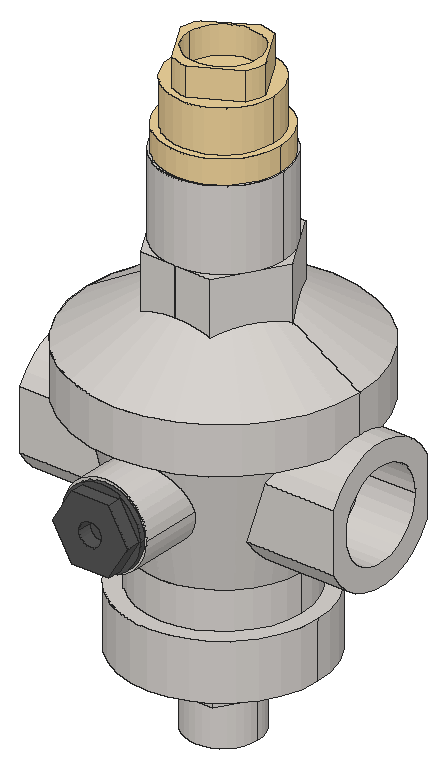
Revit family "VT.085.N-0", category Арматура трубопроводов, Revit 2019
Family settings
  Размер круглого соединителя = Использовать диаметр
  Тип детали = Вставляется
  На основе рабочей плоскости = Нет
  Всегда вертикально = Да
  При загрузке вырезать с полостями = Нет
  Общий = Нет
Parameters
  Таблица_2 [instance] = "VT.085.N_B"
  Таблица_1 [instance] = "VT.085.N_A"
  Материал_П [instance] = Пластик
  Материал [instance] = Латунь
  Изготовитель = "VALTEC"
  Группа модели = "Редуктор давления регулируемый мембранный"  # constant formula
  xx [instance] = dx - 1 mm  # 17 mm
  u [instance] = size_lookup(Таблица_1, "u", 0 mm, Du)  # 15 mm
  na [instance] = size_lookup(Таблица_2, "Ni", 0 mm, Du)  # 1 mm
  msg [instance] = size_lookup(Таблица_2, "msg", 0 mm, Du)  # 678 mm
  h3 [instance] = size_lookup(Таблица_1, "h3", 0 mm, Du)  # 12 mm
  h2 [instance] = size_lookup(Таблица_1, "h2", 0 mm, Du)  # 5 mm
  h1 [instance] = size_lookup(Таблица_1, "h1", 0 mm, Du)  # 10 mm
  dz [instance] = size_lookup(Таблица_1, "dz", 0 mm, Du)  # 48 mm
  dx [instance] = size_lookup(Таблица_1, "dx", 0 mm, Du)  # 18 mm
  du [instance] = size_lookup(Таблица_2, "du", 0 mm, Du)  # 28 mm
  dg [instance] = size_lookup(Таблица_1, "dg", 0 mm, Du)  # 19 mm
  db [instance] = size_lookup(Таблица_1, "db", 0 mm, Du)  # 26 mm
  da [instance] = size_lookup(Таблица_1, "da", 0 mm, Du)  # 59 mm
  d5 [instance] = size_lookup(Таблица_1, "d5", 0 mm, Du)  # 22 mm
  d4-1 [instance] = d4 - 1 mm  # 25 mm
  d4 [instance] = size_lookup(Таблица_1, "d4", 0 mm, Du)  # 26 mm
  d3 [instance] = size_lookup(Таблица_1, "d3", 0 mm, Du)  # 34 mm
  d2 [instance] = size_lookup(Таблица_1, "d2", 0 mm, Du)  # 41 mm
  d1 [instance] = size_lookup(Таблица_1, "d1", 0 mm, Du)  # 59 mm
  b3 [instance] = size_lookup(Таблица_1, "b3", 0 mm, Du)  # 6 mm
  b2 [instance] = size_lookup(Таблица_2, "b2", 0 mm, Du)  # 6 mm
  b1 [instance] = size_lookup(Таблица_2, "b1", 0 mm, Du)  # 10 mm
  a3 [instance] = size_lookup(Таблица_1, "a3", 0 mm, Du)  # 16 mm
  a2 [instance] = size_lookup(Таблица_2, "a2", 0 mm, Du)  # 20 mm
  a1 [instance] = size_lookup(Таблица_2, "a1", 0 mm, Du)  # 26 mm
  URL = "https://valtec.ru/"
  Ni [instance] = na = 1 mm  # yes
  Lx [instance] = size_lookup(Таблица_2, "Lx", 0 mm, Du)  # 25 mm
  L2 [instance] = size_lookup(Таблица_1, "L2", 0 mm, Du)  # 64 mm
  L1 [instance] = size_lookup(Таблица_2, "L1", 0 mm, Du)  # 68 mm
  H7 [instance] = size_lookup(Таблица_1, "H7", 0 mm, Du)  # 53 mm
  H6 [instance] = size_lookup(Таблица_1, "H6", 0 mm, Du)  # 25 mm
  H5 [instance] = size_lookup(Таблица_1, "H5", 0 mm, Du)  # 17 mm
  H4 [instance] = size_lookup(Таблица_1, "H4", 0 mm, Du)  # 73 mm
  H3 [instance] = size_lookup(Таблица_1, "H3", 0 mm, Du)  # 59 mm
  H2 [instance] = size_lookup(Таблица_1, "H2", 0 mm, Du)  # 32 mm
  H1 [instance] = size_lookup(Таблица_1, "H1", 0 mm, Du)  # 12 mm
  Ga [instance] = Da = 1 mm  # yes
  Du [instance] = 15 mm
  Da [instance] = size_lookup(Таблица_2, "Ga", 0 mm, Du)  # 1 mm
  D [instance] = size_lookup(Таблица_2, "D", 0 mm, Du)  # 19 mm
  ADSK_Позиция [instance] = ""
  ADSK_Обозначение [instance] = "VT.085.N"  # constant formula
  ADSK_Наименование [instance] = size_lookup(Таблица_2, "", "Данный типоразмер отсутствует", Du)  # "Редуктор давления регулируемый мембранный"
  ADSK_Материал [instance] = Латунь CW617N
  ADSK_Масса [instance] = msg / 1000 mm  # 0.678
  ADSK_Код изделия [instance] = size_lookup(Таблица_2, "Код продукта", "Данный типоразмер отсутствует", Du)  # "VT.085.N.0407"
  ADSK_Завод-изготовитель [instance] = Изготовитель  # "VALTEC"
  ADSK_Единица измерения [instance] = "шт."  # constant formula
  ADSK_URL страницы изделия [instance] = "https://valtec.ru/catalog/reguliruyuschaya_armatura/reduktory_davleniya_dlya_vody/reduktor_davleniya_reguliruemyj_membrannyj_vt085n.html"
  ADSK_URL документации изделия [instance] = "https://valtec.ru/document/technical/VT.085-0321-1.pdf"
Reference planes
  plane 1 "По центру (Вперед/Назад)": y = 0
  plane 2: z = 0
  plane 3 "По центру (Влево/Вправо)": x = 0
  plane 4: z = 12
  plane 5: z = 32
  plane 6: z = 59
  plane 7: z = 73
  plane 8: z = -17
  plane 9: z = -25
  plane 10: z = -53
  plane 11: z = 22
  plane 12: z = 64
  plane 13: z = -37
  plane 14: z = 79
  plane 15: through (0, 0, 1200) normal (-0.5, 0.866, 0)
  plane 16: through (9.112, -3.977, 1200) normal (0.5, -0.866, 0)
  plane 17: through (0.48, 9.515, 1200) normal (0.5, -0.866, 0)
  plane 18: z = 0
  plane 19: y = 32
  plane 20: y = -32
  plane 21: y = 33
  plane 22: y = -33
  plane 23: z = 7
  plane 24: z = -7
  plane 25: through (0, -1524, 0) normal (-0.866, 0, -0.5)
  plane 26: through (0, -1524, 0) normal (-0.866, 0, 0.5)
  plane 27: through (3.743, -1524, 7.517) normal (0.866, 0, 0.5)
  plane 28: through (-10.876, -1524, 4.837) normal (0.866, 0, 0.5)
  plane 29: through (2.942, -1524, -8.905) normal (-0.866, 0, 0.5)
  plane 30: through (-2.191, -1524, 10.205) normal (0.866, 0, -0.5)
  plane 31: y = -36
  plane 32: y = 36
  plane 33: through (0, 0, 1200) normal (-0.866, -0.5, 0)
  plane 34: through (4.779, 7.723, 1200) normal (0.866, 0.5, 0)
  plane 35: through (-10.203, 1.673, 1200) normal (0.866, 0.5, 0)
  plane 36: through (0, 0, 1200) normal (-0.866, 0.5, 0)
  plane 37: y = 12.5
  plane 38: y = -12.5
  plane 39: x = -34
  plane 40: x = 34
  plane 41: x = -22
  plane 42: x = 22
  plane 43: y = 13
  plane 44: y = -13
  plane 45: through (10.541, -7.743, 1200) normal (-0.866, 0.5, 0)
  plane 46: through (-7.005, 13.867, 1200) normal (0.866, -0.5, 0)
  plane 47: through (7.203, 13.523, 1200) normal (0.866, 0.5, 0)
  plane 48: through (-14.959, -0.09, 1200) normal (0.866, 0.5, 0)
  plane 49: z = 42
  plane 50: y = 10
  plane 51: y = -10
  plane 52: through (-12.872, -2.295, 1200) normal (-0.866, 0.5, 0)
  plane 53: through (4.13, -12.847, 1200) normal (-0.866, 0.5, 0)
  plane 54: through (0.016, 19.973, 1200) normal (0.866, 0.5, 0)
  plane 55: through (-17.305, 9.973, 1200) normal (0.866, 0.5, 0)
  plane 56: z = -43
Forms (mm)
  Extrusion 1, solid, material "Латунь CW617N" <- "ADSK_Материал", detail levels fine
    sketch origin (0, 0, 0) x (1, 0, 0) y (0, 1, 0)
      loop
        circle (0, 0) r 17
    from -25 to -17
  Extrusion 2, solid, material "Латунь CW617N" <- "ADSK_Материал", detail levels fine
    sketch origin (0, 0, 0) x (1, 0, 0) y (0, 1, 0)
      loop
        circle (0, 0) r 29.5
    from 12 to 22
  Blend 3, solid, material "Латунь CW617N" <- "ADSK_Материал", detail levels fine
    base sketch origin (0, 0, 0) x (1, 0, 0) y (0, 1, 0)
      loop
        circle (0, 0) r 17
    top sketch origin (0, 0, 0) x (1, 0, 0) y (0, 1, 0)
      loop
        circle (0, 0) r 24
    from -17 to 12
  Extrusion 4, solid, material "Латунь CW617N" <- "ADSK_Материал", detail levels fine
    sketch origin (0, 0, 0) x (1, 0, 0) y (0, 1, 0)
      loop
        circle (0, 0) r 13
    from 32 to 59
  Blend 5, solid, material "Латунь CW617N" <- "ADSK_Материал", detail levels fine
    base sketch origin (0, 0, 0) x (1, 0, 0) y (0, 1, 0)
      loop
        circle (0, 0) r 29.5
    top sketch origin (0, 0, 0) x (1, 0, 0) y (0, 1, 0)
      loop
        circle (0, 0) r 13
    from 22 to 32
  Extrusion 6, solid, material "Латунь" <- "Материал", detail levels fine
    sketch origin (0, 0, 0) x (1, 0, 0) y (0, 1, 0)
      loop
        circle (0, 0) r 12.5
    from 59 to 64
  Extrusion 7, solid, material "Латунь" <- "Материал", detail levels fine
    sketch origin (0, 0, 0) x (1, 0, 0) y (0, 1, 0)
      loop
        circle (0, 0) r 11
    from 64 to 73
  Extrusion 8, solid, material "Латунь CW617N" <- "ADSK_Материал", detail levels fine
    sketch origin (0, 0, 0) x (1, 0, 0) y (0, 1, 0)
      loop
        circle (0, 0) r 20.5
    from -37 to -25
  Extrusion 9, solid, material "Латунь CW617N" <- "ADSK_Материал", visible <- "Ni", detail levels fine
    sketch origin (0, 0, 0) x (1, 0, 0) y (0, 1, 0)
      loop
        circle (0, 0) r 7.5
    from -53 to -37
  Extrusion 10, solid, material "Латунь CW617N" <- "ADSK_Материал", detail levels fine
    sketch origin (0, 0, 0) x (1, 0, 0) y (0, 0, 1)
      loop
        circle (0, 0) r 9
    from -32 to 32
  Extrusion 11, solid, material "Пластик" <- "Материал_П", detail levels fine
    sketch origin (0, 0, 0) x (1, 0, 0) y (0, 0, 1)
      loop
        circle (0, 0) r 8.5
    from 32 to 33
  Extrusion 12, solid, material "Пластик" <- "Материал_П", detail levels fine
    sketch origin (0, 0, 0) x (1, 0, 0) y (0, 0, 1)
      loop
        circle (0, 0) r 8.5
    from -33 to -32
  Extrusion 13, solid, material "Пластик" <- "Материал_П", detail levels fine
    sketch origin (0, 0, 0) x (1, 0, 0) y (0, 0, 1)
      loop
        line (-8.083, 0) -> (-4.041, -7) -> (4.041, -7) -> (8.083, 0) -> (4.041, 7) -> (-4.041, 7) -> (-8.083, 0)
    from 33 to 36
  Extrusion 14, solid, material "Пластик" <- "Материал_П", detail levels fine
    sketch origin (0, 0, 0) x (1, 0, 0) y (0, 0, 1)
      loop
        line (8.083, 0) -> (4.041, 7) -> (-4.041, 7) -> (-8.083, 0) -> (-4.041, -7) -> (4.041, -7) -> (8.083, 0)
    from -36 to -33
  Extrusion 15, void, detail levels fine
    sketch origin (0, 0, 0) x (1, 0, 0) y (0, 0, 1)
      loop
        circle (0, 0) r 2.5
    from 33 to 36
  Extrusion 16, void, detail levels fine
    sketch origin (0, 0, 0) x (1, 0, 0) y (0, 0, 1)
      loop
        circle (0, 0) r 2.5
    from -36 to -33
  Extrusion 17, solid, material "Латунь" <- "Материал", detail levels fine
    sketch origin (0, 0, 0) x (1, 0, 0) y (0, 1, 0)
      loop
        arc (-8.437, 4.366) -> (-9.176, 2.459) -> (-9.49, 0.437) r 9.5
        line (-9.49, 0.437) -> (-4.366, -8.437)
        arc (-4.366, -8.437) -> (-2.459, -9.176) -> (-0.437, -9.49) r 9.5
        line (-0.437, -9.49) -> (8.437, -4.366)
        arc (8.437, -4.366) -> (9.176, -2.459) -> (9.49, -0.437) r 9.5
        line (9.49, -0.437) -> (4.366, 8.437)
        arc (4.366, 8.437) -> (2.459, 9.176) -> (0.437, 9.49) r 9.5
        line (0.437, 9.49) -> (-8.437, 4.366)
    from 73 to 79
  Extrusion 18, void, detail levels fine
    sketch origin (0, 0, 0) x (1, 0, 0) y (0, 1, 0)
      loop
        circle (0, 0) r 7.5
    from 73 to 79
  Extrusion 19, solid, material "Латунь CW617N" <- "ADSK_Материал", detail levels fine
    sketch origin (0, 0, 0) x (0, 1, 0) y (0, 0, 1)
      loop
        arc (12.5, 6.305) -> (0, 14) -> (-12.5, 6.305) r 14
        line (-12.5, 6.305) -> (-12.5, -6.305)
        arc (-12.5, -6.305) -> (0, -14) -> (12.5, -6.305) r 14
        line (12.5, -6.305) -> (12.5, 6.305)
    from -34 to 34
  Extrusion 20, void, detail levels fine
    sketch origin (0, 0, 0) x (0, 1, 0) y (0, 0, 1)
      loop
        circle (0, 0) r 9.5
    from -34 to -22
  Extrusion 21, void, detail levels fine
    sketch origin (0, 0, 0) x (0, 1, 0) y (0, 0, 1)
      loop
        circle (0, 0) r 9.5
    from 22 to 34
  Extrusion 22, solid, material "Латунь CW617N" <- "ADSK_Материал", visible <- "Ga", detail levels fine
    sketch origin (0, 0, 0) x (1, 0, 0) y (0, 1, 0)
      loop
        line (-7.506, 13) -> (-15.011, 0) -> (-7.506, -13) -> (7.506, -13) -> (15.011, 0) -> (7.506, 13) -> (-7.506, 13)
    from 22 to 42
  Extrusion 23, solid, material "Латунь CW617N" <- "ADSK_Материал", detail levels fine
    sketch origin (0, 0, 0) x (1, 0, 0) y (0, 1, 0)
      loop
        line (-11.547, 0) -> (-5.774, -10) -> (5.774, -10) -> (11.547, 0) -> (5.774, 10) -> (-5.774, 10) -> (-11.547, 0)
    from -43 to -37
Cuts and joins
  Extrusion 15, Extrusion 16, Extrusion 18, Extrusion 20, Extrusion 21 cuts Blend 3
  Extrusion 15, Extrusion 16, Extrusion 18, Extrusion 20, Extrusion 21 cuts Extrusion 10
  Extrusion 15, Extrusion 16 cuts Extrusion 11
  Extrusion 15, Extrusion 16 cuts Extrusion 13
  Extrusion 18 cuts Extrusion 2
  Extrusion 18 cuts Extrusion 4
  Extrusion 18 cuts Blend 5
  Extrusion 18 cuts Extrusion 6
  Extrusion 18 cuts Extrusion 7
  Extrusion 18 cuts Extrusion 17
  Extrusion 20, Extrusion 21 cuts Extrusion 19
Dimensions and locks
  "H1": plane 4 to level
  "H2": plane 5 to level
  "H3": plane 6 to level
  "H4": plane 7 to level
  "H5": level to plane 8
  "H6": level to plane 9
  "h1": plane 11 to plane 4
  "h2": plane 12 to plane 6
  "h3": plane 9 to plane 13
  "H7": level to plane 10
  "b3": plane 14 to plane 7
  equal spacing: plane 19, plane 1 "По центру (Вперед/Назад)", plane 20
  "L2": plane 19 to plane 20
  plane 20 to plane 22 = 1 mm
  plane 21 to plane 19 = 1 mm
  equal spacing: plane 29, plane 26, plane 30
  equal spacing: plane 27, plane 25, plane 28
  equal spacing: plane 23, level, plane 24
  locked: plane 27 to plane 28 at 14
  locked: plane 29 to plane 30 at 14
  locked: plane 23 to plane 24 at 14
  locked: plane 22 to plane 31 at 3
  locked: plane 32 to plane 21 at 3
  equal spacing: plane 34, plane 33, plane 35
  equal spacing: plane 16, plane 15, plane 17
  "a3": plane 34 to plane 35
  "a3": plane 16 to plane 17
  equal spacing: plane 37, plane 1 "По центру (Вперед/Назад)", plane 38
  "Lx": plane 37 to plane 38
  equal spacing: plane 39, plane 3 "По центру (Влево/Вправо)", plane 40
  "L1": plane 39 to plane 40
  locked: plane 39 to plane 41 at 12
  locked: plane 42 to plane 40 at 12
  equal spacing: plane 45, plane 36, plane 46
  equal spacing: plane 47, plane 33, plane 48
  "a1": plane 45 to plane 46
  "a1": plane 47 to plane 48
  equal spacing: plane 43, plane 1 "По центру (Вперед/Назад)", plane 44
  "a1": plane 43 to plane 44
  "b1": plane 49 to plane 5
  equal spacing: plane 50, plane 1 "По центру (Вперед/Назад)", plane 51
  equal spacing: plane 52, plane 36, plane 53
  equal spacing: plane 54, plane 33, plane 55
  "a2": plane 52 to plane 53
  "a2": plane 50 to plane 51
  "a2": plane 54 to plane 55
  "b2": plane 13 to plane 56
  "d3": diameter of Extrusion 1 sketch curve
  "d1": diameter of Extrusion 2 sketch curve
  "d4": diameter of Extrusion 4 sketch curve
  "d4-1": diameter of Extrusion 6 sketch curve
  "d5": diameter of Extrusion 7 sketch curve
  "d2": diameter of Extrusion 8 sketch curve
  diameter of Extrusion 9 sketch curve = 15 mm
  "da": diameter of Blend 5 sketch curve
  "db": diameter of Blend 5 sketch curve
  "dx": diameter of Extrusion 10 sketch curve
  "dz": diameter of Blend 3 sketch curve
  "xx": diameter of Extrusion 11 sketch curve
  "xx": diameter of Extrusion 12 sketch curve
  diameter of Extrusion 15 sketch curve = 5 mm
  diameter of Extrusion 16 sketch curve = 5 mm
  "dg": diameter of Extrusion 17 sketch curve  (x4)
  "u": diameter of Extrusion 18 sketch curve
  "du": diameter of Extrusion 19 sketch curve  (x2)
  "D": diameter of Extrusion 20 sketch curve
  "D": diameter of Extrusion 21 sketch curve
  aligned and locked: level to plane 2
  aligned and locked: plane 3 "По центру (Влево/Вправо)" to Extrusion 1 sketch curve
  aligned and locked: plane 1 "По центру (Вперед/Назад)" to Extrusion 1 sketch curve
  aligned and locked: Extrusion 1 to plane 9
  aligned and locked: plane 8 to Extrusion 1
  aligned and locked: plane 3 "По центру (Влево/Вправо)" to Extrusion 2 sketch curve
  aligned and locked: plane 1 "По центру (Вперед/Назад)" to Extrusion 2 sketch curve
  aligned and locked: Extrusion 2 to plane 4
  aligned and locked: Extrusion 2 to plane 11
  aligned and locked: Blend 3 sketch curve to Extrusion 1
  aligned and locked: Blend 3 to plane 8
  aligned and locked: plane 4 to Blend 3
  aligned and locked: plane 3 "По центру (Влево/Вправо)" to Extrusion 4 sketch curve
  aligned and locked: plane 1 "По центру (Вперед/Назад)" to Extrusion 4 sketch curve
  aligned and locked: Extrusion 4 to plane 5
  aligned and locked: plane 6 to Extrusion 4
  aligned and locked: Blend 5 to plane 11
  aligned and locked: plane 5 to Blend 5
  aligned and locked: plane 3 "По центру (Влево/Вправо)" to Extrusion 6 sketch curve
  aligned and locked: plane 1 "По центру (Вперед/Назад)" to Extrusion 6 sketch curve
  aligned and locked: Extrusion 6 to plane 6
  aligned and locked: plane 12 to Extrusion 6
  aligned and locked: plane 3 "По центру (Влево/Вправо)" to Extrusion 7 sketch curve
  aligned and locked: plane 1 "По центру (Вперед/Назад)" to Extrusion 7 sketch curve
  aligned and locked: Extrusion 7 to plane 12
  aligned and locked: plane 7 to Extrusion 7
  aligned and locked: plane 3 "По центру (Влево/Вправо)" to Extrusion 8 sketch curve
  aligned and locked: plane 1 "По центру (Вперед/Назад)" to Extrusion 8 sketch curve
  aligned and locked: plane 9 to Extrusion 8
  aligned and locked: Extrusion 8 to plane 13
  aligned and locked: plane 3 "По центру (Влево/Вправо)" to Extrusion 9 sketch curve
  aligned and locked: plane 1 "По центру (Вперед/Назад)" to Extrusion 9 sketch curve
  aligned and locked: Extrusion 9 to plane 10
  aligned and locked: plane 13 to Extrusion 9
  aligned and locked: plane 3 "По центру (Влево/Вправо)" to Blend 5 sketch curve  (x2)
  aligned and locked: plane 1 "По центру (Вперед/Назад)" to Blend 5 sketch curve  (x2)
  aligned and locked: plane 2 to plane 18
  aligned and locked: plane 3 "По центру (Влево/Вправо)" to Extrusion 10 sketch curve
  aligned and locked: level to Extrusion 10 sketch curve
  aligned and locked: plane 19 to Extrusion 10
  aligned and locked: Extrusion 10 to plane 20
  aligned and locked: plane 3 "По центру (Влево/Вправо)" to Extrusion 11 sketch curve
  aligned and locked: level to Extrusion 11 sketch curve
  aligned and locked: plane 20 to Extrusion 11
  aligned and locked: Extrusion 11 to plane 22
  aligned and locked: plane 3 "По центру (Влево/Вправо)" to Extrusion 12 sketch curve
  aligned and locked: level to Extrusion 12 sketch curve
  aligned and locked: plane 21 to Extrusion 12
  aligned and locked: Extrusion 12 to plane 19
  aligned and locked: plane 30 to Extrusion 13 sketch curve
  aligned and locked: Extrusion 13 sketch curve to plane 23
  aligned and locked: Extrusion 13 sketch curve to plane 27
  aligned and locked: plane 29 to Extrusion 13 sketch curve
  aligned and locked: Extrusion 13 sketch curve to plane 24
  aligned and locked: plane 28 to Extrusion 13 sketch curve
  aligned and locked: plane 22 to Extrusion 13
  aligned and locked: Extrusion 13 to plane 31
  aligned and locked: plane 27 to Extrusion 14 sketch curve
  aligned and locked: plane 23 to Extrusion 14 sketch curve
  aligned and locked: Extrusion 14 sketch curve to plane 30
  aligned and locked: Extrusion 14 sketch curve to plane 28
  aligned and locked: plane 24 to Extrusion 14 sketch curve
  aligned and locked: Extrusion 14 sketch curve to plane 29
  aligned and locked: plane 32 to Extrusion 14
  aligned and locked: Extrusion 14 to plane 21
  aligned and locked: plane 3 "По центру (Влево/Вправо)" to Extrusion 15 sketch curve
  aligned and locked: level to Extrusion 15 sketch curve
  aligned and locked: plane 22 to Extrusion 15
  aligned and locked: Extrusion 15 to plane 31
  aligned and locked: plane 3 "По центру (Влево/Вправо)" to Extrusion 16 sketch curve
  aligned and locked: level to Extrusion 16 sketch curve
  aligned and locked: plane 32 to Extrusion 16
  aligned and locked: Extrusion 16 to plane 21
  aligned and locked: plane 17 to Extrusion 17 sketch curve
  aligned and locked: Extrusion 17 sketch curve to plane 16
  aligned and locked: Extrusion 17 sketch curve to plane 34
  aligned and locked: plane 35 to Extrusion 17 sketch curve
  aligned and locked: plane 3 "По центру (Влево/Вправо)" to Extrusion 17 sketch curve  (x4)
  aligned and locked: plane 1 "По центру (Вперед/Назад)" to Extrusion 17 sketch curve  (x4)
  aligned and locked: Extrusion 17 to plane 7
  aligned and locked: plane 14 to Extrusion 17
  aligned and locked: plane 3 "По центру (Влево/Вправо)" to Extrusion 18 sketch curve
  aligned and locked: plane 1 "По центру (Вперед/Назад)" to Extrusion 18 sketch curve
  aligned and locked: Extrusion 18 to plane 7
  aligned and locked: plane 14 to Extrusion 18
  aligned and locked: plane 1 "По центру (Вперед/Назад)" to Extrusion 19 sketch curve  (x2)
  aligned and locked: level to Extrusion 19 sketch curve  (x2)
  aligned and locked: plane 37 to Extrusion 19 sketch curve  (x2)
  aligned and locked: plane 38 to Extrusion 19 sketch curve
  aligned and locked: Extrusion 19 sketch curve to plane 38
  aligned and locked: Extrusion 19 to plane 39
  aligned and locked: plane 40 to Extrusion 19
  aligned and locked: plane 1 "По центру (Вперед/Назад)" to Extrusion 20 sketch curve
  aligned and locked: level to Extrusion 20 sketch curve
  aligned and locked: Extrusion 20 to plane 39
  aligned and locked: plane 41 to Extrusion 20
  aligned and locked: plane 1 "По центру (Вперед/Назад)" to Extrusion 21 sketch curve
  aligned and locked: level to Extrusion 21 sketch curve
  aligned and locked: Extrusion 21 to plane 42
  aligned and locked: plane 40 to Extrusion 21
  aligned and locked: plane 46 to Extrusion 22 sketch curve
  aligned and locked: Extrusion 22 sketch curve to plane 43
  aligned and locked: Extrusion 22 sketch curve to plane 47
  aligned and locked: plane 45 to Extrusion 22 sketch curve
  aligned and locked: plane 44 to Extrusion 22 sketch curve
  aligned and locked: plane 48 to Extrusion 22 sketch curve
  aligned and locked: Extrusion 22 to plane 11
  aligned and locked: plane 49 to Extrusion 22
  aligned and locked: Extrusion 23 sketch curve to plane 50
  aligned and locked: Extrusion 23 sketch curve to plane 52
  aligned and locked: plane 55 to Extrusion 23 sketch curve
  aligned and locked: plane 51 to Extrusion 23 sketch curve
  aligned and locked: Extrusion 23 sketch curve to plane 53
  aligned and locked: plane 54 to Extrusion 23 sketch curve
  aligned and locked: Extrusion 23 to plane 56
  aligned and locked: plane 13 to Extrusion 23
  aligned and locked: plane 3 "По центру (Влево/Вправо)" to nested 1
  aligned and locked: plane 1 "По центру (Вперед/Назад)" to nested 1
Automatic sketch dimensions
  plane 1 "По центру (Вперед/Назад)" to Blend 3 sketch curve = 0 mm
  Blend 3 sketch curve to plane 3 "По центру (Влево/Вправо)" = 0 mm
Nested families
  nested 1: "Анатация_085" at (0, 0, 0), type "Анатация_085", detail levels coarse+medium
Connectors
  piping at (-22, 0, 0), diameter 15, driven by "Du"
    settings: on cut or joined group of Extrusion 19, Extrusion 20, Extrusion 21, index 1, connector inside diameter 609.6 mm, connector length 0 mm, flow factor 0, pipe flow 0.0 L/s, pressure drop 0.0 Pa, fitting loss kfactor 0, connector angle 0.00°, fixture units 0, engagement length 0 mm, angle of deflection 0.00°, flow configuration 0, flow direction 0, fitting loss method 0, system type 7, joint type 0, gender type 0, connector reference index -1, connector utility 0, adjustable connector no, is connector primary yes, connector description ""
  piping at (22, 0, 0), diameter 15, driven by "Du"
    settings: on cut or joined group of Extrusion 19, Extrusion 20, Extrusion 21, index 2, connector inside diameter 609.6 mm, connector length 0 mm, flow factor 0, pipe flow 0.0 L/s, pressure drop 0.0 Pa, fitting loss kfactor 0, connector angle 0.00°, fixture units 0, engagement length 0 mm, angle of deflection 0.00°, flow configuration 0, flow direction 0, fitting loss method 0, system type 7, joint type 0, gender type 0, connector reference index -1, connector utility 0, adjustable connector no, is connector primary no, connector description ""
Definition of nested family "Анатация_085"
  Reference planes
    plane 1: y = 0
    plane 2: x = 0
  Lines and regions (mm)
    Filled region 1, type "Цветовая область 1"
      outline origin (0, 0, 0) x (1, 0, 0) y (0, 1, 0)
        loop
          line (-30, 0) -> (30, -20) -> (30, 20) -> (-30, 0)
    detail lines
      curve 1: line (-30, 20, 0) -> (30, 20, 0)
      curve 2: line (-30, -20, 0) -> (-30, 20, 0)
      curve 3: line (30, -20, 0) -> (-30, -20, 0)
      curve 4: line (30, 20, 0) -> (30, -20, 0)
  Dimensions and locks
    locked: plane 2 to curve 4 at 30
    locked: plane 1 to curve 1 at 20
    locked: curve 3 to curve 1 at 40
    locked: curve 2 to curve 4 at 60
    aligned and locked: Filled region 1 sketch curve to curve 4
